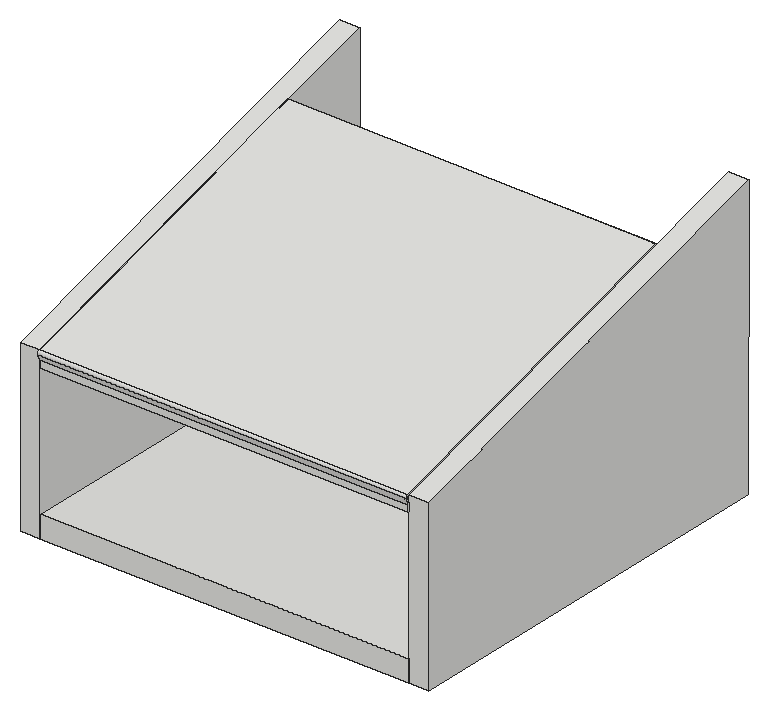
Revit family "Plumbing-Sink-Sloan-Valve-QSGR-81000z", category Plumbing Fixtures, host Face, Revit 2021
Family settings
  Host = Face
  Round Connector Dimension = Use Diameter
  Part Type = Normal
  OmniClass Number = 23.45.05.14.14
  OmniClass Title = Sinks/Lavatories
  Cut with Voids When Loaded = No
  Shared = No
  Room Calculation Point = No
Parameters (values of type "QSGR-81000")
  Width = 30.0"  # constant formula
  Water Flow = 0.0 GPM
  Waste Connection = yes
  WFU = 2
  Vent Connection = no
  Valve Pressure Drop = 0.0 Pa
  URL = "www.sloanvalve.com"
  Sanitary Drain Connector Description = "Sanitary Drain Connector"  # constant formula
  Sanitary Drain Connection Diameter = 1.50"  # constant formula
  Product data url = ""
  Product Material = Sloan - Quartz - Coast Carrara
  Part Number = ""
  Model = "QSGR-81000"
  Manufacturer = "Sloan Valve"  # constant formula
  Keynote = "10000"
  Hot Water Connector Description = "Hot Water Connector"  # constant formula
  Hot Water Connection Diameter = 0.50"  # constant formula
  Height = 5.0"  # constant formula
  HWFU = 1.5
  HW Connection = yes
  Enclosure [instance] = yes
  Edition number = 1
  Description = "SloanStone® Quartz 1-Station Wall-Mounted Gradient Sink"
  Depth = 22.0"  # constant formula
  Default Elevation = 34.0"
  Cold Water Connector Description = "Cold Water Connector"  # constant formula
  Cold Water Connection Diameter = 0.50"  # constant formula
  CWFU = 1.5
  CW Connection = yes
  Assembly Code = "D2010400"
  ADA Compliant = 1 = 1  # yes
Reference planes (in)
  plane 1 "Center (Front/Back)": y = 0
  plane 2: z = 0
  plane 3 "Center (Left/Right)": x = 0
  plane 4: x = -15
  plane 5: x = 15
Forms (in)
  Extrusion 1, solid, not visible
    sketch origin (0, 0, 0) x (1, 0, 0) y (0, 1, 0)
      loop
        circle (0, -14) r 0.625
      loop
        circle (4, -10) r 0.25
      loop
        circle (-4, -10) r 0.25
    from 0 to 0.06299
Dimensions and locks (in)
  aligned and locked: plane 2 to host face
  aligned and locked: level to host face
  aligned and locked: plane 1 "Center (Front/Back)" to nested 1
Nested families (in)
  nested 1: "Geometry" at (0, 0, 0), Product Material <- "Product Material", type "Geometry"
    with Product Material Sloan - Quartz - Coast Carrara
Connectors (in)
  piping at (0, -14, 0), diameter 1.5, driven by "Sanitary Drain Connection Diameter", driven by "WFU", driven by "Sanitary Drain Connector Description"
    settings: on Extrusion 1, index 1, connector inside diameter 24.00", connector length 0.0", flow factor 0, pipe flow 0.0 GPM, pressure drop 0.0 Pa, fitting loss kfactor 0, connector angle 0.00°, fixture units 2, engagement length 0.0", angle of deflection 0.00°, flow configuration 3, flow direction 2, fitting loss method 0, system type 16, joint type 0, gender type 0, connector reference index -1, connector utility 0, adjustable connector no, is connector primary yes, connector description "Sanitary Drain Connector"
  piping at (4, -10, 0), diameter 0.5, driven by "Cold Water Connection Diameter", driven by "CWFU", driven by "Cold Water Connector Description"
    settings: on Extrusion 1, index 2, connector inside diameter 24.00", connector length 0.0", flow factor 0, pipe flow 0.0 GPM, pressure drop 0.0 Pa, fitting loss kfactor 0, connector angle 0.00°, fixture units 1.5, engagement length 0.0", angle of deflection 0.00°, flow configuration 3, flow direction 1, fitting loss method 0, system type 20, joint type 0, gender type 0, connector reference index -1, connector utility 0, adjustable connector no, is connector primary no, connector description "Cold Water Connector"
  piping at (-4, -10, 0), diameter 0.5, driven by "Hot Water Connection Diameter", driven by "HWFU", driven by "Hot Water Connector Description"
    settings: on Extrusion 1, index 3, connector inside diameter 24.00", connector length 0.0", flow factor 0, pipe flow 0.0 GPM, pressure drop 0.0 Pa, fitting loss kfactor 0, connector angle 0.00°, fixture units 1.5, engagement length 0.0", angle of deflection 0.00°, flow configuration 3, flow direction 1, fitting loss method 0, system type 19, joint type 0, gender type 0, connector reference index -1, connector utility 0, adjustable connector no, is connector primary no, connector description "Hot Water Connector"
Definition of nested family "Geometry"
  Parameters (values of type "Geometry")
    Width = 30.0"  # constant formula
    Waste Connection = yes
    Vent Connection = no
    URL = "https://www.sloan.com/"
    Type Comments = ""
    Product Material [instance] = none
    Model = ""
    Manufacturer = ""
    Length = 22.0"  # constant formula
    Height = 5.0"  # constant formula
    HW Connection = yes
    Enclosure Material = none
    Enclosure = yes
    Description = ""
    Default Elevation = 0.0"
    CW Connection = no
    Assembly Code = "D2010310"
  Reference planes (in)
    plane 1 "Center (Front/Back)": y = 0
    plane 2: z = 0
    plane 3 "Center (Left/Right)": x = 0
    plane 4: z = 22
    plane 5: y = -5
    plane 6: z = 5
    plane 7: z = 7.5
    plane 8: z = 19
    plane 9: z = 2.5
    plane 10: y = -10
    plane 11: y = -14
    plane 12: x = -4
    plane 13: x = -3
    plane 14: x = 3
    plane 15: x = 15
    plane 16: x = -15
    plane 17: z = 10.53125
    plane 18: z = 6.25
    plane 19: x = 3
    plane 20: x = -8.5
    plane 21: x = 8.5
    plane 22: x = -3
    plane 23: through (11.09067, 0, 22.38484) normal (0.0693, 0, 0.9976)
    plane 24: y = -34
    plane 25: x = -4
    plane 26: x = -4
    plane 27: x = 4
  Forms (in)
    Extrusion 1, solid
      sketch origin (0, 0, 0) x (1, 0, 0) y (0, 1, 0)
        loop
          line (-48, 48) -> (-48, -48) -> (48, -48) -> (48, 48) -> (-48, 48)
      from 0 to -12
    Extrusion 2, solid, not visible
      sketch origin (0, 0, 0) x (1, 0, 0) y (0, 1, 0)
        loop
          circle (0, -14) r 0.625
        loop
          circle (3, -10) r 0.25
        loop
          circle (-3, -10) r 0.25
      from 0 to 0.03125
    Extrusion 3, solid, not visible
      sketch origin (0, 0, 0) x (1, 0, 0) y (0, 1, 0)
        loop
          circle (0, -14) r 0.625
        loop
          circle (4, -10) r 0.25
        loop
          circle (-4, -10) r 0.25
      from 0 to 0.03125
    Extrusion 4, solid, material <- "Enclosure Material", visible <- "Enclosure"
      sketch origin (15.71249, -4.52771, 0) x (0, 1, 0) y (0, 0, -1)
        loop
          line (-22.28349, 0) -> (-22.28349, -11.02999) -> (3.85771, -18.44974) -> (3.85771, 0) -> (-22.28349, 0)
      from 27.76017 to 29.0598
    Sweep 5, solid, material <- "Enclosure Material", visible <- "Enclosure"
      path origin (0, -4.35583, 0) x (1, 0, 0) y (0, 1, 0)
        loop
          line (-12.04768, -22.62888) -> (12.04768, -22.62888)
      profile origin (0, -26.98472, 0) x (0, 1, 0) y (0, 0, 1)
        loop
          line (-0.00555, 10.86203) -> (0.10434, 10.47744) -> (0.11135, 10.05276) -> (0.17114, 10.05375) -> (0.164, 10.4863) -> (0.04663, 10.89708)
          arc (0.04663, 10.89708) -> (0.05347, 10.95663) -> (0.10042, 10.9939) r 0.07831
          line (0.10042, 10.9939) -> (20.46592, 16.81261) -> (20.39199, 16.85368) -> (0.10261, 11.05672)
          arc (0.10261, 11.05672) -> (0.00821, 10.98178) -> (-0.00555, 10.86203) r 0.15748
    Extrusion 6, solid, material <- "Enclosure Material", visible <- "Enclosure"
      sketch origin (0, -4.52771, 0) x (1, 0, 0) y (0, 0, 1)
        loop
          line (-12.04768, 1.44) -> (-12.04768, 0) -> (12.04768, 0) -> (12.04768, 1.44) -> (-12.04768, 1.44)
      from 0.47229 to 22.28349
    Extrusion 7, solid, material <- "Enclosure Material", visible <- "Enclosure"
      sketch origin (-15.71249, -5.08644, 0) x (0, 1, 0) y (0, 0, 1)
        loop
          line (-21.72476, 0) -> (4.41644, 0) -> (4.41644, 18.44974) -> (-21.72476, 11.02999) -> (-21.72476, 0)
      from 27.76017 to 29.0598
  Lines and regions (in)
    Masking region 1
      outline origin (0, 0, 0) x (1, 0, 0) y (0, 0, 1)
        loop
          line (-15, 0) -> (15, 0) -> (15, 22) -> (-15, 22) -> (-15, 0)
    symbolic lines, detail levels fine
      curve 1: line (-9.49357, 0, 9) -> (-11, 0, 19)
      curve 2: line (9.49357, 0, 9) -> (-9.49357, 0, 9)
      curve 3: circle (0, 0, 2.75) r 0.62418 normal (0, -1, 0)
      curve 4: circle (0, 0, 7) r 0.77894 normal (0, -1, 0)
      curve 5: circle (0, 0, 7.00185) r 1.14327 normal (0, -1, 0)
      curve 6: line (9.49357, 0, 9) -> (11, 0, 19)
      curve 11: line (9.25, 0, 5) -> (9.25, 0, 9)
      curve 12: line (-9.25, 0, 9) -> (-9.25, 0, 5)
    symbolic lines, detail levels medium+fine
      curve 7: line (11, 0, 19) -> (11, 0, 5)
      curve 8: line (11, 0, 5) -> (-11, 0, 5)
      curve 9: line (-11, 0, 19) -> (11, 0, 19)
      curve 10: line (-11, 0, 5) -> (-11, 0, 19)
  Dimensions and locks (in)
    "Length": Extrusion 1 to plane 4
    "Height": plane 5 to plane 1 "Center (Front/Back)"
    plane 16 to plane 15 = 30.0"
    equal spacing: plane 21, plane 3 "Center (Left/Right)", plane 20
    plane 21 to plane 20 = 17.0"
    equal spacing: plane 16, plane 3 "Center (Left/Right)", plane 15
    plane 24 to plane 1 "Center (Front/Back)" = 34.0"
    aligned and locked: plane 2 to Extrusion 1
    aligned and locked: level to Extrusion 1
    aligned and locked: plane 3 "Center (Left/Right)" to Extrusion 2 sketch curve
    aligned and locked: plane 10 to Extrusion 2 sketch curve  (x2)
    aligned and locked: plane 11 to Extrusion 2 sketch curve
    aligned and locked: plane 13 to Extrusion 2 sketch curve
    aligned and locked: plane 14 to Extrusion 2 sketch curve
    aligned and locked: plane 19 to plane 14
    aligned and locked: plane 13 to plane 22
    aligned and locked: plane 26 to Extrusion 3 sketch curve
    aligned and locked: plane 27 to Extrusion 3 sketch curve
  Automatic sketch dimensions
    Extrusion 1 sketch curve to Extrusion 1 sketch curve = 96.0"  (x2)
    Extrusion 3 sketch curve to plane 3 "Center (Left/Right)" = 0.0"
    plane 11 to Extrusion 3 sketch curve = 0.0"
    plane 10 to Extrusion 3 sketch curve = 0.0"  (x2)
    profile plane to Sweep 5 sketch curve = 0.00555"
    Sweep 5 sketch curve to profile plane = 0.04663"
    Sweep 5 sketch curve to profile plane = 0.10042"
    Sweep 5 sketch curve to Sweep 5 sketch curve = 0.00219"
    Sweep 5 sketch curve to profile plane = 0.10434"
    Sweep 5 sketch curve to profile plane = 0.11135"
    Sweep 5 sketch curve to Sweep 5 sketch curve = 0.0753"
    Sweep 5 sketch curve to Sweep 5 sketch curve = 0.02394"
    Sweep 5 sketch curve to Sweep 5 sketch curve = 0.05966"
    Sweep 5 sketch curve to Sweep 5 sketch curve = 0.05979"
    Sweep 5 sketch curve to profile plane = 20.39199"
    Sweep 5 sketch curve to Sweep 5 sketch curve = 0.07393"
    profile plane to Sweep 5 sketch curve = 10.05276"
    Sweep 5 sketch curve to Sweep 5 sketch curve = 0.00099"
    Sweep 5 sketch curve to Sweep 5 sketch curve = 0.42467"
    Sweep 5 sketch curve to Sweep 5 sketch curve = 0.00886"
    Sweep 5 sketch curve to Sweep 5 sketch curve = 0.38459"
    Sweep 5 sketch curve to Sweep 5 sketch curve = 0.03505"
    Sweep 5 sketch curve to Sweep 5 sketch curve = 0.00821"
    Sweep 5 sketch curve to Sweep 5 sketch curve = 0.0133"
    profile plane to Sweep 5 sketch curve = 16.81261"
    Sweep 5 sketch curve to Sweep 5 sketch curve = 0.04107"
    Extrusion 6 sketch curve to level = 0.0"
    plane 9 to Extrusion 6 sketch curve = 1.06"
    Extrusion 7 sketch curve to level = 0.0"
    Extrusion 7 sketch curve to plane 5 = 4.33"
    plane 24 to Extrusion 7 sketch curve = 7.1888"
    plane 17 to Extrusion 7 sketch curve = 0.49874"
    plane 8 to Extrusion 7 sketch curve = 0.55026"
    plane 16 to Sweep 5 sketch curve = 2.95232"
    plane 24 to Sweep 5 sketch curve = 7.01528"
    Extrusion 4 sketch curve to level = 0.0"
    plane 17 to Extrusion 4 sketch curve = 0.49874"
    plane 24 to Extrusion 4 sketch curve = 7.1888"
    plane 1 "Center (Front/Back)" to Extrusion 4 sketch curve = 0.67"
    plane 8 to Extrusion 4 sketch curve = 0.55026"
    Masking region 1 sketch curve to plane 4 = 0.0"
    plane 15 to Masking region 1 sketch curve = 0.0"
    Masking region 1 sketch curve to level = 0.0"
    Masking region 1 sketch curve to plane 16 = 0.0"
    curve 1 to plane 8 = 0.0"
    curve 10 to plane 6 = 0.0"
    curve 4 to plane 3 "Center (Left/Right)" = 0.0"
    curve 5 to plane 3 "Center (Left/Right)" = 0.0"
    curve 2 to plane 7 = 1.5"
    plane 16 to curve 2 = 5.50643"
    plane 16 to curve 8 = 4.0"
    curve 3 to plane 9 = 0.25"
    plane 15 to curve 6 = 5.50643"
    plane 15 to curve 7 = 4.0"
    plane 7 to curve 4 = 0.5"
    curve 4 to curve 5 = 0.00185"
    curve 8 to curve 12 = 1.75"
    curve 11 to curve 2 = 0.24357"
    plane 20 to Extrusion 6 sketch curve = 3.54768"
    curve 3 to plane 21 = 8.5"
    plane 21 to Sweep 5 sketch curve = 3.54768"
    plane 21 to Extrusion 6 sketch curve = 3.54768"
    radius of Extrusion 2 sketch curve = 0.625"
    radius of Extrusion 2 sketch curve = 0.25"  (x2)
    radius of Extrusion 3 sketch curve = 0.625"
    radius of Extrusion 3 sketch curve = 0.25"  (x2)
    radius of curve 3 = 0.62418"
    radius of curve 4 = 0.77894"
    radius of curve 5 = 1.14327"
  Connectors (in)
    piping at (0, -14, 0), diameter 1.25
      settings: on Extrusion 2, index 1, connector inside diameter 24.00", connector length 0.0", flow factor 0, pipe flow 0.0 GPM, pressure drop 0.0 Pa, fitting loss kfactor 0, connector angle 0.00°, fixture units 2, engagement length 0.0", angle of deflection 0.00°, flow configuration 3, flow direction 2, fitting loss method 0, system type 16, joint type 0, gender type 0, connector reference index -1, connector utility 0, adjustable connector yes, is connector primary yes, connector description "1-1/4\" Waste Outlet"
    piping at (3, -10, 0), diameter 0.5
      settings: on Extrusion 2, index 2, connector inside diameter 24.00", connector length 0.0", flow factor 0, pipe flow 0.0 GPM, pressure drop 0.0 Pa, fitting loss kfactor 0, connector angle 0.00°, fixture units 1.5, engagement length 0.0", angle of deflection 0.00°, flow configuration 3, flow direction 1, fitting loss method 0, system type 20, joint type 0, gender type 0, connector reference index -1, connector utility 0, adjustable connector no, is connector primary no, connector description "1/2\" CW Supply Inlet"
    piping at (-3, -10, 0), diameter 0.5
      settings: on Extrusion 2, index 3, connector inside diameter 24.00", connector length 0.0", flow factor 0, pipe flow 0.0 GPM, pressure drop 0.0 Pa, fitting loss kfactor 0, connector angle 0.00°, fixture units 1.5, engagement length 0.0", angle of deflection 0.00°, flow configuration 3, flow direction 1, fitting loss method 0, system type 19, joint type 0, gender type 0, connector reference index -1, connector utility 0, adjustable connector no, is connector primary no, connector description "1/2\" HW Supply Inlet"
